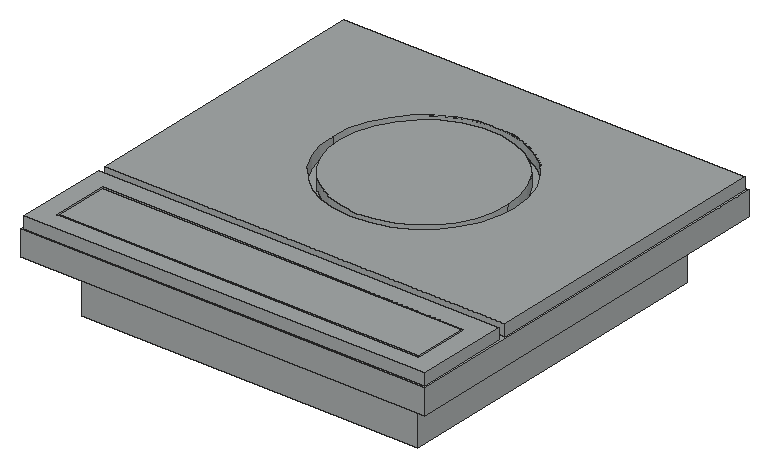
Revit family "Gira_5560920", category Electrical Fixtures, host Face, Revit 2017
Family settings
  Host = Face
  Maintain Annotation Orientation = Yes
  Round Connector Dimension = Use Diameter
  Part Type = Normal
  Cut with Voids When Loaded = No
  Shared = No
  Room Calculation Point = No
Parameters (values of type "Info-Modul System 106 Edelstahl")
  URL = "http://katalog.gira.de/de_DE/datenblatt.html?artikelnr=5560920"
  Region = "DE"
  Name = "Info-Modul System 106 Edelstahl"
  Model = "Sys106_Abdeckung_Schalten und Tasten"
  Manufacturer URL = "https://www.gira.de/"
  Installationstechnik = "Bus-System"
  Höhe = "0,1065 m"
  HeinzeBIM = "https://bimportal.heinze.de/bim/info-modul-system-106-edelstahl/dc15a6890584c6130847c5b4e76c3621d8f68a32"
  HAN = "5560920"
  GTIN = "4010337022831"
  Edelstahl [instance] = Edelstahl
  Default Elevation = 1219.2 mm
  Data sheet (1) = "https://katalog.gira.de/de_DE/download.html?artikelnr=5560920"
  Category = "Funktionsmodul für Türkommunikation"
  Breite = "0,1065 m"
  Available = "Yes"
Reference planes
  plane 1 "Center (Front/Back)": y = 0
  plane 2 "Reference Level 0": z = 0
  plane 3 "Center (Left/Right)": x = 0
  plane 4 "Reference Level 1": z = 9.5
Forms (mm)
  Extrusion 1, solid, material "Edelstahl" <- "Edelstahl", detail levels coarse
    sketch origin (0, 0, 0) x (1, 0, 0) y (0, 1, 0)
      loop
        line (-53, 53) -> (-53, -53) -> (53, -53) -> (53, 53) -> (-53, 53)
    from -14.7 to 9.5
  Extrusion 2, solid, material "Edelstahl" <- "Edelstahl", detail levels fine
    sketch origin (0, 0, 0) x (1, 0, 0) y (0, 1, 0)
      loop
        line (52.5, -28) -> (-52.5, -28) -> (-52.5, -52.5) -> (52.5, -52.5) -> (52.5, -28)
      loop
        line (-47.5, -48) -> (47.5, -48) -> (47.5, -33) -> (-47.5, -33) -> (-47.5, -48)
    from 6.5 to 9.5
  Extrusion 3, solid, material "Edelstahl" <- "Edelstahl", detail levels fine
    sketch origin (0, 0, 0) x (1, 0, 0) y (0, 1, 0)
      loop
        line (-52.5, 52.5) -> (-52.5, -26) -> (52.5, -26) -> (52.5, 52.5) -> (-52.5, 52.5)
      loop
        circle (0, 13) r 24
    from 6.5 to 9.5
  Extrusion 4, solid, material "Edelstahl" <- "Edelstahl", detail levels medium+fine
    sketch origin (0, 0, 0) x (1, 0, 0) y (0, 1, 0)
      loop
        line (-53, 53) -> (-53, -53) -> (53, -53) -> (53, 53) -> (-53, 53)
    from 0 to 6.5
  Extrusion 5, solid, material "Edelstahl" <- "Edelstahl", detail levels fine
    sketch origin (0, 0, 0) x (1, 0, 0) y (0, 1, 0)
      loop
        line (-44, 44) -> (-44, -44) -> (44, -44) -> (44, 44) -> (-44, 44)
    from -14.7 to 0
  Extrusion 6, solid, material "Edelstahl" <- "Edelstahl", detail levels fine
    sketch origin (0, 0, 0) x (1, 0, 0) y (0, 1, 0)
      loop
        circle (0, 13) r 22
    from 6.5 to 9.5
  Extrusion 7, solid, material "Edelstahl" <- "Edelstahl", detail levels fine
    sketch origin (0, 0, 0) x (1, 0, 0) y (0, 1, 0)
      loop
        line (-47, -33.5) -> (-47, -47.5) -> (47, -47.5) -> (47, -33.5) -> (-47, -33.5)
    from 6.5 to 9.5
  Extrusion 8, solid, material "Edelstahl" <- "Edelstahl", detail levels medium
    sketch origin (0, 0, 0) x (1, 0, 0) y (0, 1, 0)
      loop
        line (-52.5, 52.5) -> (-52.5, -26) -> (52.5, -26) -> (52.5, 52.5) -> (-52.5, 52.5)
      loop
        line (-52.5, -28) -> (-52.5, -52.5) -> (52.5, -52.5) -> (52.5, -28) -> (-52.5, -28)
    from 6.5 to 9.5
  Extrusion 9, solid, material "Edelstahl" <- "Edelstahl", detail levels medium
    sketch origin (0, 0, 0) x (1, 0, 0) y (0, 1, 0)
      loop
        circle (0, 13) r 24
      loop
        line (-47.5, -33) -> (-47.5, -48) -> (47.5, -48) -> (47.5, -33) -> (-47.5, -33)
    from 6.5 to 9.5
Dimensions and locks
  aligned and locked: plane 2 "Reference Level 0" to host face
  aligned and locked: level to host face
  aligned and locked: Extrusion 4 to host face
  aligned and locked: Extrusion 4 to level
  aligned and locked: level to Extrusion 5
  aligned and locked: level to Extrusion 4
  aligned and locked: Extrusion 4 to plane 2 "Reference Level 0"
  aligned and locked: plane 2 "Reference Level 0" to Extrusion 5
  aligned and locked: plane 3 "Center (Left/Right)" to nested 1
  aligned and locked: plane 1 "Center (Front/Back)" to nested 1
Nested families
  nested 1: "Schalter" at (0, 0, 0), type "Schalter"
Connectors
  electrical at (0, 0, -14.7)
    settings: on Extrusion 5, index 1, voltage 220 V, apparent load 0 VA, apparent load phase1 0 VA, apparent load phase2 0 VA, apparent load phase3 0 VA, power factor 1, load classification "Other", number of poles 1, system type 30, power factor state 1, is connector primary yes, connector utility no, sub classification motor no, connector description ""
Definition of nested family "Schalter"
  Reference planes
    plane 1: y = 0
    plane 2: x = 0
  Lines and regions (mm)
    detail lines
      curve 1: circle (1.375, 2.778, 0) r 0.8 normal (0, 0, 1)
      curve 2: line (1.021, 2.061, 0) -> (0, 0, 0)
      curve 3: line (0, 0, 0) -> (-0.538, 0.266, 0)
  Dimensions and locks
    curve 2 to curve 2 = 2.3 mm
    curve 3 to curve 2 = 0.6 mm
    radius of curve 1 = 0.8 mm
